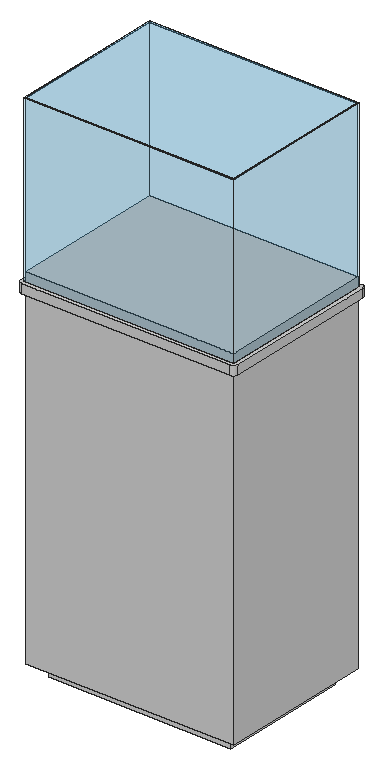
Revit family "GP", category Specialty Equipment, Revit 2012
Parameters (values of type "Gift Pedestal (Default)")
  Width = 2' - 0"
  URL = "http://madixinc.com/display/freestanding.html"
  Plexiglass Cube [instance] = yes
  Model = "Gift Pedestal"
  Manufacturer = "© 2012 Madix, Inc. All rights reserved."
  Depth = 1' - 6"
Reference planes (in)
  plane 1 "Center (Front/Back)": y = 0
  plane 2: z = 0
  plane 3 "Center (Left/Right)": x = 0
  plane 4: x = -12
  plane 5: x = 12
  plane 6: y = 9
  plane 7: y = -9
  plane 8: z = 42
  plane 9: y = 7.5
  plane 10: y = -7.5
  plane 11: x = -10.5
  plane 12: x = 10.5
  plane 13: z = 1.5
  plane 14: z = 60
  plane 15: z = 41
  plane 16: z = 40
  plane 17: z = 59.875
Forms (in)
  Extrusion 1, solid, material "Metal - Steel"
    sketch origin (0, 0, 0) x (1, 0, 0) y (0, 1, 0)
      loop
        line (-10.5, 7.5) -> (-10.5, -7.5) -> (10.5, -7.5) -> (10.5, 7.5) -> (-10.5, 7.5)
    from 0 to 1.5
  Extrusion 2, solid, material "Metal - Steel"
    sketch origin (0, 0, 0) x (1, 0, 0) y (0, 1, 0)
      loop
        line (-12, 9) -> (-12, -9) -> (12, -9) -> (12, 9) -> (-12, 9)
    from 1.5 to 42
  Extrusion 3, solid, material "Metal - Steel"
    sketch origin (0, 0, 0) x (1, 0, 0) y (0, 1, 0)
      loop
        line (-12.5, 9) -> (-12.5, -9)
        arc (-12.5, -9) -> (-12.35355, -9.35355) -> (-12, -9.5) r 0.5
        line (-12, -9.5) -> (12, -9.5)
        arc (12, -9.5) -> (12.35355, -9.35355) -> (12.5, -9) r 0.5
        line (12.5, -9) -> (12.5, 9)
        arc (12.5, 9) -> (12.35355, 9.35355) -> (12, 9.5) r 0.5
        line (12, 9.5) -> (-12, 9.5)
        arc (-12, 9.5) -> (-12.35355, 9.35355) -> (-12.5, 9) r 0.5
      loop
        line (-12, 9) -> (-12, -9) -> (12, -9) -> (12, 9) -> (-12, 9)
    from 40 to 41
  Extrusion 4, solid, material "Glass", visible <- "Plexiglass Cube"
    sketch origin (0, 0, 0) x (1, 0, 0) y (0, 1, 0)
      loop
        line (-12.125, -9.125) -> (12.125, -9.125) -> (12.125, 9.125) -> (-12.125, 9.125) -> (-12.125, -9.125)
      loop
        line (-12, 9) -> (-12, -9) -> (12, -9) -> (12, 9) -> (-12, 9)
    from 41 to 60
  Extrusion 5, solid, material "Glass", visible <- "Plexiglass Cube"
    sketch origin (0, 0, 0) x (1, 0, 0) y (0, 1, 0)
      loop
        line (-12, 9) -> (-12, -9) -> (12, -9) -> (12, 9) -> (-12, 9)
    from 59.875 to 60
Dimensions and locks (in)
  equal spacing: plane 4, plane 3 "Center (Left/Right)", plane 5
  "Width": plane 4 to plane 5
  locked: plane 4 to plane 11 at 1.5
  locked: plane 12 to plane 5 at 1.5
  locked: plane 6 to plane 9 at 1.5
  locked: plane 7 to plane 10 at 1.5
  equal spacing: plane 6, plane 1 "Center (Front/Back)", plane 7
  "Depth": plane 7 to plane 6
  aligned and locked: level to plane 2
Automatic sketch dimensions
  plane 10 to Extrusion 1 sketch curve = 0' - 0"
  Extrusion 1 sketch curve to plane 11 = 0' - 0"
  Extrusion 1 sketch curve to plane 12 = 0' - 0"
  Extrusion 1 sketch curve to plane 9 = 0' - 0"
  Extrusion 2 sketch curve to plane 4 = 0' - 0"
  Extrusion 2 sketch curve to plane 5 = 0' - 0"
  plane 7 to Extrusion 2 sketch curve = 0' - 0"
  Extrusion 2 sketch curve to plane 6 = 0' - 0"
  Extrusion 3 sketch curve to plane 6 = 0' - 0"  (x3)
  plane 7 to Extrusion 3 sketch curve = 0' - 0"  (x3)
  Extrusion 3 sketch curve to plane 4 = 0' - 0"  (x3)
  Extrusion 3 sketch curve to plane 5 = 0' - 0"  (x3)
  Extrusion 3 sketch curve to Extrusion 3 sketch curve = 0' - 0 1/2"
  Extrusion 4 sketch curve to plane 4 = 0' - 0"
  Extrusion 4 sketch curve to plane 5 = 0' - 0"
  plane 7 to Extrusion 4 sketch curve = 0' - 0"
  Extrusion 4 sketch curve to plane 6 = 0' - 0"
  Extrusion 4 sketch curve to plane 4 = 0' - 0 1/8"
  Extrusion 4 sketch curve to plane 5 = 0' - 0 1/8"
  plane 7 to Extrusion 4 sketch curve = 0' - 0 1/8"
  plane 6 to Extrusion 4 sketch curve = 0' - 0 1/8"
  Extrusion 5 sketch curve to plane 4 = 0' - 0"
  Extrusion 5 sketch curve to plane 5 = 0' - 0"
  plane 7 to Extrusion 5 sketch curve = 0' - 0"
  Extrusion 5 sketch curve to plane 6 = 0' - 0"
